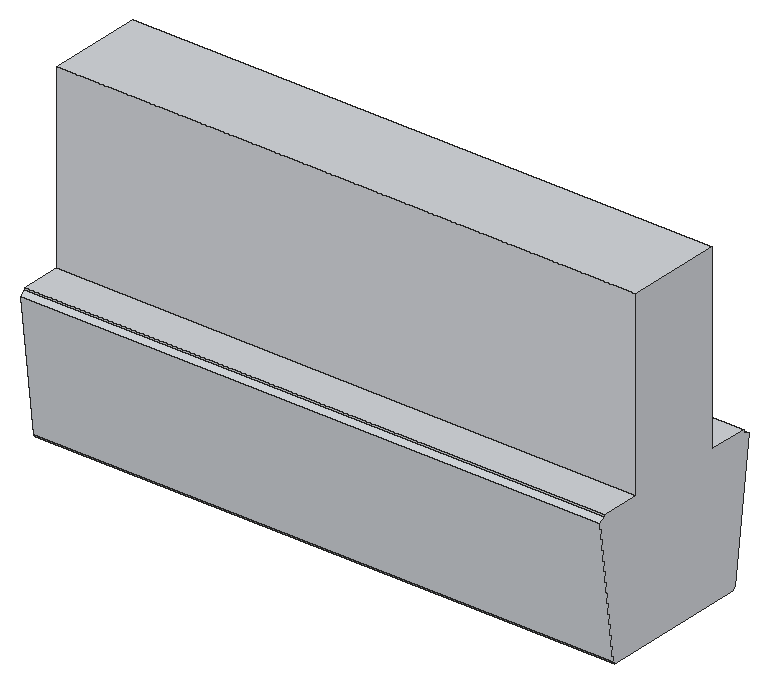
Revit family "KBB d=600_Precast-Console Beam_Spæncom", category Structural Framing, Revit 2014
Parameters (values of type "KBB 138/78 (200mm hylde)")
  Structural Material [instance] = none
  Model = "KBB"
  Manufacturer = "Spæncom"
  Length [instance] = 3000 mm
  Height element = 1380 mm
  Height (bjælkekroppen) = 780 mm
  Width (bjælkekroppen) = 410 mm
  Height console = 600 mm  # constant formula
  Width console = 200 mm
  Base width = 660 mm  # constant formula
Types (3, lengths in mm): name | Width (bjælkekroppen) | Width console
  (no name) | 410 | 200
  KBB 138/78 (150mm hylde) | 510 | 150
  KBB 138/78 (200mm hylde) | 410 | 200
Reference planes
  plane 1 "Center (Front/Back)": y = 0
  plane 2 "Center Elevation": z = 0
  plane 3 "Center (Left/Right)": x = 0
  plane 4 "Left": x = -1500
  plane 5 "Member Left": x = -1250
  plane 6 "Stick Symbol Left": x = -1000
  plane 7 "Right": x = 1500
  plane 8 "Member Right": x = 1250
  plane 9 "Stick Symbol Right": x = 1000
  plane 10: through (0, 401.875, 575) normal (0, -0.9923, 0.124)
  plane 11: z = 600
  plane 12: through (0, -331.24, 9.923) normal (0, 0.9923, 0.124)
Forms (mm)
  Extrusion 1, solid, material <- "Structural Material"
    sketch origin (-1500, 0, 0) x (0, -1, 0) y (0, 0, 1)
      loop
        line (-401.875, 575) -> (-331.24, 9.923) -> (-320, 0) -> (320, 0) -> (331.24, 9.923) -> (401.875, 575) -> (375, 590) -> (375, 600) -> (205, 600) -> (205, 1380) -> (-205, 1380) -> (-205, 600) -> (-375, 600) -> (-375, 590) -> (-401.875, 575)
    from -2750 to -250
Dimensions and locks
  equal spacing: plane 4 "Left", plane 3 "Center (Left/Right)", plane 7 "Right"
  "Length": plane 4 "Left" to plane 7 "Right"
  "Height console": plane 11 to plane 2 "Center Elevation"
  "Height (bjælkekroppen)": plane 11 to Extrusion 1
  "Width (bjælkekroppen)": Extrusion 1 to Extrusion 1
  plane 11 to Extrusion 1 = 200 mm
  Extrusion 1 to plane 12 = 200 mm
  "Base width": plane 10 to plane 12
  "Width console": plane 11 to Extrusion 1 sketch curve
  "Width console": Extrusion 1 sketch curve to plane 12
  Extrusion 1 to Extrusion 1 = 1380 mm
  locked: plane 11 to Extrusion 1 sketch curve at 30
  locked: Extrusion 1 sketch curve to plane 12 at 30
  aligned and locked: level to plane 2 "Center Elevation"
  aligned and locked: Extrusion 1 to plane 8 "Member Right"
  aligned and locked: plane 5 "Member Left" to Extrusion 1
  aligned and locked: Extrusion 1 to level
  aligned and locked: Extrusion 1 sketch curve to level
  aligned and locked: Extrusion 1 sketch curve to plane 10
  aligned and locked: Extrusion 1 sketch curve to plane 12
Automatic sketch dimensions
  plane 11 to Extrusion 1 sketch curve = 0 mm  (x2)
  Extrusion 1 sketch curve to plane 1 "Center (Front/Back)" = 320 mm
  level to Extrusion 1 sketch curve = 9.923 mm  (x2)
  plane 11 to Extrusion 1 sketch curve = 25 mm  (x2)
  plane 1 "Center (Front/Back)" to Extrusion 1 sketch curve = 320 mm
  Extrusion 1 sketch curve to Extrusion 1 sketch curve = 10 mm
  Extrusion 1 sketch curve to plane 11 = 780 mm
  plane 11 to Extrusion 1 sketch curve = 10 mm
